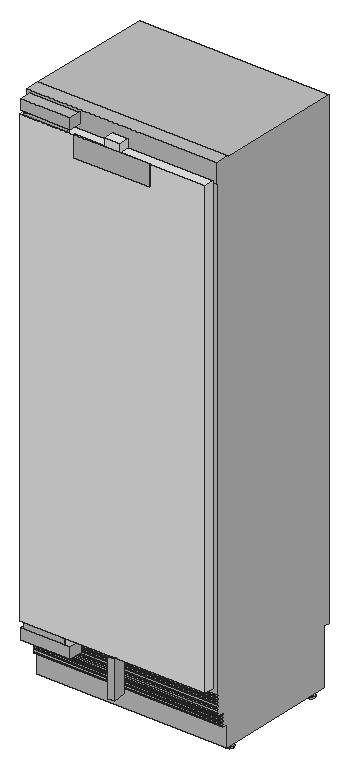
Revit family "FP_Revit_18_RS3084SLHK1_Fridge_90001076A", category Specialty Equipment, Revit 2018
Family settings
  Round Connector Dimension = Use Diameter
  Part Type = Normal
  OmniClass Number = 23.40.40.11.11
  OmniClass Title = Refrigerators and Freezers
  Work Plane-Based = No
  Always vertical = Yes
  Cut with Voids When Loaded = Yes
  Shared = No
  Room Calculation Point = No
Parameters (values of type "RS3084SLK1")
  Visibility - Water Connection = no
  Visibility - Visibility Control Note = yes
  Visibility - Clearance Required = yes
  URL = "www.fisherpaykel.com"
  Stainless Steel Door Panels (RD3484L4D) = no
  Product - Width = 756 mm  # constant formula
  Product - Height = 2134 mm  # constant formula
  Product - Depth (exl front panel) = 610 mm  # constant formula
  Model = "RS3084SLK1"
  Material - Handle = Fisher & Paykel - Aluminium
  Material - Door Structure = Fisher & Paykel - White
  Material - Door Front = Fisher & Paykel - Stainless Steel
  Material - Body = Fisher & Paykel - Grey
  Manufacturer = "Fisher & Paykel Appliances"
  Handle Style - Professional Square (AHV2-RD84) = no
  Handle Style - Professional Round (AHC-RD84) = no
  Handle Style - Contemporary Square (AHD3-RD84) = no
  Handle Style - Contemporary Round (AHS-RD84) = no
  Description = "30\" Integrated Column Refrigerator with stainless steel interior"
  Connector Description - Water = "Water Supply not required"
  Connector Description - Electrical = "120 V, 10 amp fused electrical supply"
  Cavity - Width = 762 mm  # constant formula
  Cavity - Height = 2134 mm  # constant formula
  Cavity - Depth = 635 mm  # constant formula
Types (4, lengths in mm): name | Visibility - Water Connection | Model | Description | Connector Description - Water
  (no name) | no | "RS3084SLK1" | "30\" Integrated Column Refrigerator with stainless steel interior" | "Water Supply not required"
  RS3084SLK1 | no | "RS3084SLK1" | "30\" Integrated Column Refrigerator with stainless steel interior" | "Water Supply not required"
  RS3084SLHK1 | yes | "RS3084SLHK1" | "30\" Integrated Column Refrigerator with internal internal water, stainless steel interior" | "1/4\" (6mm) comp. stainless steel braided hose"
  RS3084SL1 | no | "RS3084SL1" | "30\" Integrated Column Refrigerator" | "Water Supply not required"
Reference planes
  plane 1 "Datum": y = 0
  plane 2: z = 0
  plane 3 "Center (Left/Right)": x = 0
  plane 4 "Product LHS": x = -378
  plane 5 "Product RHS": x = 378
  plane 6 "Product - Depth": y = 610
  plane 7 "Cavity LHS": x = -381
  plane 8 "Cavity RHS": x = 381
  plane 9 "Cavity - Depth": y = 612.9
  plane 10 "Handle Offset": x = 315
  plane 11 "Product Height": z = 2134
  plane 12 "Cavity Height": z = 2134
  plane 13 "Door Panel Datum": y = -4.1
Forms (mm)
  Extrusion 1, solid, material "Fisher & Paykel - Grey" <- "Material - Body", detail levels fine
    sketch origin (0, 0, 0) x (0, 1, 0) y (0, 0, 1)
      loop
        line (100.1, 19.1) -> (587.9, 19.1) -> (587.9, 239.7) -> (610, 239.7) -> (610, 2131.9) -> (105.1, 2131.9) -> (105.1, 2134) -> (49.9, 2134) -> (49.9, 2059) -> (56, 2059) -> (56, 228.6) -> (59.5, 228.6) -> (59.5, 219.7) -> (56.5, 219.7) -> (56.5, 215.9) -> (59.5, 215.9) -> (59.5, 207) -> (56.5, 207) -> (56.5, 203.2) -> (59.5, 203.2) -> (59.5, 194.3) -> (56.5, 194.3) -> (56.5, 190.5) -> (59.5, 190.5) -> (59.5, 181.6) -> (56.5, 181.6) -> (56.5, 177.8) -> (59.5, 177.8) -> (59.5, 168.9) -> (56.5, 168.9) -> (56.5, 165.1) -> (59.5, 165.1) -> (59.5, 156.2) -> (56.5, 156.2) -> (56.5, 152.4) -> (84.1, 152.4) -> (84.1, 143.5) -> (81.1, 143.5) -> (81.1, 139.7) -> (84.1, 139.7) -> (84.1, 130.8) -> (81.1, 130.8) -> (81.1, 127) -> (84.1, 127) -> (84.1, 118.1) -> (81.1, 118.1) -> (81.1, 114.3) -> (84.1, 114.3) -> (84.1, 105.4) -> (81.1, 105.4) -> (81.1, 101.6) -> (100.1, 101.6) -> (100.1, 19.1)
    from -378 to 378
  Extrusion 2, solid, material "Fisher & Paykel - Grey" <- "Material - Body"
    sketch origin (0, 0, 0) x (1, 0, 0) y (0, 1, 0)
      loop
        circle (-357.5, 547.8) r 4.1
      loop
        circle (-357.5, 141.8) r 4.1
      loop
        circle (357.5, 547.8) r 4.1
      loop
        circle (357.5, 141.8) r 4.1
    from 3 to 19.1
  Extrusion 3, solid, material "Fisher & Paykel - Grey" <- "Material - Body"
    sketch origin (0, 0, 0) x (1, 0, 0) y (0, 1, 0)
      loop
        circle (-357.5, 547.8) r 14.5
      loop
        circle (-357.5, 141.8) r 14.555
      loop
        circle (357.5, 547.8) r 14.5
      loop
        circle (357.5, 141.8) r 14.555
    from 0 to 3
  Extrusion 4, solid, material "Fisher & Paykel - Grey" <- "Material - Body", detail levels fine
    sketch origin (0, 0, 0) x (1, 0, 0) y (0, 1, 0)
      loop
        line (-7.5, 49) -> (-13.797, -4.1) -> (13.797, -4.1) -> (7.5, 49) -> (-7.5, 49)
    from 104.2 to 254.2
  Extrusion 5, solid, material "Fisher & Paykel - Grey" <- "Material - Body", detail levels fine
    sketch origin (0, 0, 0) x (0, 1, 0) y (0, 0, 1)
      loop
        line (0, 2070.6) -> (0, 1988.6) -> (2, 1988.6) -> (2, 2068.6) -> (4, 2068.6) -> (4, 2070.6) -> (0, 2070.6)
    from -150 to 150
  Extrusion 6, solid, material "Fisher & Paykel - Grey" <- "Material - Body"
    sketch origin (0, 0, 0) x (1, 0, 0) y (0, 0, 1)
      loop
        circle (303, 119.813) r 5
      loop
        circle (-303, 119.813) r 5
    from -590 to -587.9
  Extrusion 7, solid, material "Fisher & Paykel - White" <- "Material - Door Structure"
    sketch origin (0, 0, 0) x (1, 0, 0) y (0, 1, 0)
      loop
        line (-353, 56) -> (-353, 42) -> (353, 42) -> (353, 56) -> (-353, 56)
    from 269.6 to 2030.7
  Extrusion 8, solid, material "Fisher & Paykel - White" <- "Material - Door Structure"
    sketch origin (0, 0, 0) x (1, 0, 0) y (0, 1, 0)
      loop
        line (-369.4, 42) -> (-369.4, 3) -> (369.4, 3) -> (369.4, 42) -> (-369.4, 42)
    from 254.2 to 2068.6
  Extrusion 9, solid, material "Fisher & Paykel - White" <- "Material - Door Structure", detail levels fine
    sketch origin (0, 0, 0) x (1, 0, 0) y (0, 0, 1)
      loop
        line (-29.5, 2100.1) -> (-29.5, 2068.6) -> (29.5, 2068.6) -> (29.5, 2100.1) -> (-29.5, 2100.1)
    from -42 to -3
  Extrusion 10, solid, material "Fisher & Paykel - Stainless Steel" <- "Material - Door Front", visible <- "Stainless Steel Door Panels (RD3484L4D)"
    sketch origin (0, 0, 0) x (0, 1, 0) y (0, 0, 1)
      loop
        line (-22.1, 2130.8) -> (-22.1, 102) -> (-4.1, 102) -> (-4.1, 2130.8) -> (-22.1, 2130.8)
    from -378 to 378
  Extrusion 11, solid, material "Fisher & Paykel - Grey" <- "Material - Body", detail levels coarse+medium
    sketch origin (0, 0, 0) x (0, 1, 0) y (0, 0, 1)
      loop
        line (49.9, 2134) -> (49.9, 2059) -> (56, 2059) -> (56, 152.4) -> (81.1, 152.4) -> (81.1, 101.6) -> (100.1, 101.6) -> (100.1, 19.1) -> (587.9, 19.1) -> (587.9, 239.7) -> (610, 239.7) -> (610, 2134) -> (49.9, 2134)
    from -378 to 378
  Extrusion 12, solid, material "Fisher & Paykel - Grey" <- "Material - Body", detail levels fine
    sketch origin (0, 0, 0) x (-1, 0, 0) y (0, 0, -1)
      loop
        line (366.4, -187.65) -> (168.42, -187.65) -> (168.42, -229.75) -> (366.4, -229.75) -> (366.4, -187.65)
    from -56 to -2.5
  Extrusion 13, solid, material "Fisher & Paykel - Grey" <- "Material - Body", detail levels fine
    sketch origin (0, 0, 0) x (-1, 0, 0) y (0, 0, -1)
      loop
        line (366.4, -2123.15) -> (366.4, -2081.05) -> (168.42, -2081.05) -> (168.42, -2123.15) -> (366.4, -2123.15)
    from -49 to -2.5
  Extrusion 14, solid, material "Fisher & Paykel - Grey" <- "Material - Body", detail levels fine
    sketch origin (0, 0, -4) x (0, 1, 0) y (0, 0, 1)
      loop
        arc (163.888, 23.1) -> (180.4, 13.63) -> (196.912, 23.1) r 19.13
        line (196.912, 23.1) -> (163.888, 23.1)
      loop
        arc (493.888, 23.1) -> (510.4, 13.63) -> (526.912, 23.1) r 19.13
        line (526.912, 23.1) -> (493.888, 23.1)
    from 191 to 219
  Extrusion 15, solid, material "Fisher & Paykel - Grey" <- "Material - Body", detail levels fine
    sketch origin (0, 0, -4) x (0, 1, 0) y (0, 0, -1)
      loop
        line (163.888, -23.1) -> (196.912, -23.1)
        arc (196.912, -23.1) -> (180.4, -13.63) -> (163.888, -23.1) r 19.13
      loop
        line (493.888, -23.1) -> (526.912, -23.1)
        arc (526.912, -23.1) -> (510.4, -13.63) -> (493.888, -23.1) r 19.13
    from 191 to 219
  Extrusion 16, solid, material "Fisher & Paykel - Clearance Required", visible <- "Visibility - Clearance Required", detail levels coarse
    sketch origin (0, 0, 0) x (1, 0, 0) y (0, 1, 0)
      loop
        line (-381, 612.9) -> (-381, -4.1) -> (381, -4.1) -> (381, 612.9) -> (-381, 612.9)
    from 0 to 2134
  Extrusion 17, void
    sketch origin (0, 0, 0) x (1, 0, 0) y (0, 1, 0)
      loop
        line (-381, 612.9) -> (-381, -22.1) -> (381, -22.1) -> (381, 612.9) -> (-381, 612.9)
    from 0 to 2134
  Extrusion 18, solid, material "Fisher & Paykel - Grey" <- "Material - Body", detail levels fine
    sketch origin (-73, 0, 0) x (-1, 0, 0) y (0, 0, -1)
      loop
        line (118.4, -254.2) -> (282.9, -254.2) -> (282.9, -229.75) -> (118.4, -229.75) -> (118.4, -254.2)
      loop
        line (106, -2081.05) -> (242.9, -2081.05) -> (282.9, -2076.05) -> (282.9, -2068.6) -> (106, -2068.6) -> (106, -2081.05)
    from -7 to -4
  Extrusion 19, solid, material "Fisher & Paykel - Clearance Required", visible <- "Visibility - Clearance Required", detail levels coarse
    sketch origin (0, 0, 0) x (-1, 0, 0) y (0, -1, 0)
      loop
        line (301.5, 22.1) -> (378, 22.1)
        arc (378, 22.1) -> (380.992, 57.074) -> (415.915, 60.616) r 27.5
        line (415.915, 60.616) -> (697.006, 665.395) -> (723.252, 653.196)
        arc (723.252, 653.196) -> (747.815, 662.136) -> (738.875, 686.699) r 18.483
        line (738.875, 686.699) -> (712.602, 698.95) -> (734.604, 746.289)
        arc (734.604, 746.289) -> (-22.015, 691.951) -> (-378, 22.1) r 783.517
        line (-378, 22.1) -> (301.5, 22.1)
    from 0 to 2134
Lines and regions (mm)
  model lines, style "Fisher & Paykel"
    curve 1: line (-378, -4.1, 2130.8) -> (378, -4.1, 2130.8)
    curve 2: line (-378, -4.1, 102) -> (-378, -4.1, 2130.8)
    curve 3: line (378, -4.1, 102) -> (-378, -4.1, 102)
    curve 4: line (378, -4.1, 2130.8) -> (378, -4.1, 102)
Text (mm)
  text "Due to ongoing product development, product details are subject to change without notice. \nPlease always refer to www.fisherpaykel.com for the most current product information. \n© Fisher & Paykel 2020" at (41.04, -848.295, 0), in view "Ref. Level (Plan)"
Dimensions and locks
  equal spacing: plane 4 "Product LHS", plane 3 "Center (Left/Right)", plane 5 "Product RHS"
  "Product - Width": plane 4 "Product LHS" to plane 5 "Product RHS"
  "Product - Depth (exl front panel)": plane 1 "Datum" to plane 6 "Product - Depth"
  equal spacing: plane 7 "Cavity LHS", plane 3 "Center (Left/Right)", plane 8 "Cavity RHS"
  "Cavity - Width": plane 7 "Cavity LHS" to plane 8 "Cavity RHS"
  plane 4 "Product LHS" to Extrusion 2 sketch curve = 24.6 mm
  plane 4 "Product LHS" to plane 10 "Handle Offset" = 693 mm
  Extrusion 6 sketch curve to Extrusion 1 = 119.887 mm  (x2)
  Extrusion 6 sketch curve to plane 5 "Product RHS" = 75 mm
  plane 4 "Product LHS" to Extrusion 6 sketch curve = 75 mm
  Extrusion 1 sketch curve to Extrusion 1 sketch curve = 82.5 mm
  Extrusion 1 sketch curve to Extrusion 1 sketch curve = 209.5 mm
  Extrusion 1 sketch curve to Extrusion 1 sketch curve = 220.6 mm
  Extrusion 3 to level = 3 mm
  Extrusion 11 to Extrusion 8 = 235.1 mm
  Extrusion 11 to Extrusion 7 = 250.5 mm
  Extrusion 11 to Extrusion 11 = 2114.9 mm
  Extrusion 11 to Extrusion 10 = 82.9 mm
  "Product - Height": level to plane 11 "Product Height"
  plane 11 "Product Height" to Extrusion 10 = 3.2 mm
  Extrusion 8 to plane 11 "Product Height" = 65.4 mm
  Extrusion 7 to plane 11 "Product Height" = 103.3 mm
  Extrusion 11 sketch curve to plane 11 "Product Height" = 75 mm
  Extrusion 1 sketch curve to plane 11 "Product Height" = 2.1 mm
  Extrusion 1 sketch curve to plane 11 "Product Height" = 75 mm
  "Cavity - Height": plane 12 "Cavity Height" to level
  plane 1 "Datum" to Extrusion 16 = 612.9 mm
  plane 1 "Datum" to Extrusion 17 = 612.9 mm
  Extrusion 18 sketch curve to Extrusion 18 sketch curve = 40 mm
  Extrusion 18 sketch curve to Extrusion 18 sketch curve = 176.9 mm
  plane 3 "Center (Left/Right)" to Extrusion 18 sketch curve = 179 mm
  plane 3 "Center (Left/Right)" to Extrusion 18 sketch curve = 191.4 mm
  plane 3 "Center (Left/Right)" to Extrusion 18 sketch curve = 355.9 mm
  plane 3 "Center (Left/Right)" to Extrusion 13 sketch curve = 168.42 mm
  plane 3 "Center (Left/Right)" to Extrusion 12 sketch curve = 168.42 mm
  plane 1 "Datum" to Extrusion 19 = 22.1 mm
  "Cavity - Depth": plane 9 "Cavity - Depth" to Extrusion 19
  plane 10 "Handle Offset" to plane 5 "Product RHS" = 63 mm
  radius of Extrusion 6 sketch curve = 5 mm
  aligned and locked: level to plane 2
  aligned and locked: Extrusion 10 to plane 5 "Product RHS"
  aligned and locked: plane 4 "Product LHS" to Extrusion 10
  aligned and locked: Extrusion 11 to plane 5 "Product RHS"
  aligned and locked: Extrusion 11 to plane 4 "Product LHS"
  aligned and locked: Extrusion 11 sketch curve to plane 11 "Product Height"
  aligned and locked: plane 11 "Product Height" to Extrusion 1 sketch curve
  aligned and locked: Extrusion 14 sketch curve to Extrusion 14 sketch curve
  aligned and locked: Extrusion 15 sketch curve to Extrusion 15 sketch curve
  aligned and locked: Extrusion 1 to plane 5 "Product RHS"
  aligned and locked: plane 4 "Product LHS" to Extrusion 1
  aligned and locked: Extrusion 11 sketch curve to Extrusion 1  (x4)
  aligned and locked: Extrusion 2 to Extrusion 1
  aligned and locked: nested 2 to plane 10 "Handle Offset"
  aligned and locked: nested 3 to plane 10 "Handle Offset"
  aligned and locked: nested 4 to plane 10 "Handle Offset"
  aligned and locked: nested 5 to plane 10 "Handle Offset"
Automatic sketch dimensions
  Extrusion 1 sketch curve to plane 6 "Product - Depth" = 0 mm
  Extrusion 1 sketch curve to Extrusion 1 sketch curve = 22.1 mm
  Extrusion 1 sketch curve to plane 1 "Datum" = 105.1 mm
  level to Extrusion 1 sketch curve = 19.1 mm
  Extrusion 1 sketch curve to plane 1 "Datum" = 100.1 mm
  Extrusion 1 sketch curve to Extrusion 1 sketch curve = 16 mm
  Extrusion 1 sketch curve to Extrusion 1 sketch curve = 0 mm  (x8)
  Extrusion 1 sketch curve to Extrusion 1 sketch curve = 3 mm  (x10)
  Extrusion 1 sketch curve to plane 1 "Datum" = 59.5 mm
  Extrusion 1 sketch curve to plane 1 "Datum" = 56 mm
  Extrusion 1 sketch curve to plane 1 "Datum" = 49.9 mm
  Extrusion 1 sketch curve to Extrusion 1 sketch curve = 3.8 mm  (x10)
  Extrusion 1 sketch curve to Extrusion 1 sketch curve = 8.9 mm  (x9)
  Extrusion 2 sketch curve to plane 4 "Product LHS" = 20.5 mm  (x2)
  plane 5 "Product RHS" to Extrusion 2 sketch curve = 20.5 mm  (x2)
  Extrusion 2 sketch curve to plane 1 "Datum" = 141.8 mm  (x2)
  Extrusion 2 sketch curve to plane 6 "Product - Depth" = 62.2 mm  (x2)
  Extrusion 3 sketch curve to plane 4 "Product LHS" = 20.5 mm  (x2)
  plane 5 "Product RHS" to Extrusion 3 sketch curve = 20.5 mm  (x2)
  Extrusion 3 sketch curve to plane 1 "Datum" = 141.8 mm  (x2)
  Extrusion 3 sketch curve to plane 6 "Product - Depth" = 62.2 mm  (x2)
  plane 1 "Datum" to Extrusion 4 sketch curve = 4.1 mm
  Extrusion 4 sketch curve to plane 3 "Center (Left/Right)" = 13.797 mm
  Extrusion 4 sketch curve to plane 3 "Center (Left/Right)" = 7.5 mm
  plane 3 "Center (Left/Right)" to Extrusion 4 sketch curve = 7.5 mm
  plane 3 "Center (Left/Right)" to Extrusion 4 sketch curve = 13.797 mm
  Extrusion 4 sketch curve to plane 1 "Datum" = 49 mm
  Extrusion 5 sketch curve to plane 1 "Datum" = 0 mm
  Extrusion 5 sketch curve to plane 1 "Datum" = 2 mm
  Extrusion 5 sketch curve to Extrusion 5 sketch curve = 2 mm  (x2)
  plane 11 "Product Height" to Extrusion 5 sketch curve = 145.4 mm
  plane 11 "Product Height" to Extrusion 5 sketch curve = 65.4 mm
  Extrusion 7 sketch curve to plane 4 "Product LHS" = 25 mm
  plane 5 "Product RHS" to Extrusion 7 sketch curve = 25 mm
  Extrusion 7 sketch curve to plane 1 "Datum" = 42 mm
  Extrusion 7 sketch curve to Extrusion 7 sketch curve = 14 mm
  Extrusion 8 sketch curve to plane 1 "Datum" = 3 mm
  Extrusion 8 sketch curve to plane 4 "Product LHS" = 8.6 mm
  plane 5 "Product RHS" to Extrusion 8 sketch curve = 8.6 mm
  Extrusion 8 sketch curve to Extrusion 8 sketch curve = 39 mm
  Extrusion 9 sketch curve to plane 3 "Center (Left/Right)" = 29.5 mm
  plane 3 "Center (Left/Right)" to Extrusion 9 sketch curve = 29.5 mm
  plane 11 "Product Height" to Extrusion 9 sketch curve = 65.4 mm
  Extrusion 9 sketch curve to Extrusion 9 sketch curve = 31.5 mm
  plane 1 "Datum" to Extrusion 10 sketch curve = 22.1 mm
  plane 1 "Datum" to Extrusion 10 sketch curve = 4.1 mm
  level to Extrusion 10 sketch curve = 102 mm
  plane 11 "Product Height" to Extrusion 10 sketch curve = 3.2 mm
  Extrusion 11 sketch curve to plane 6 "Product - Depth" = 0 mm
  Extrusion 11 sketch curve to plane 6 "Product - Depth" = 22.1 mm
  Extrusion 11 sketch curve to plane 1 "Datum" = 100.1 mm
  Extrusion 11 sketch curve to Extrusion 11 sketch curve = 19 mm
  Extrusion 11 sketch curve to plane 1 "Datum" = 56 mm
  Extrusion 11 sketch curve to plane 1 "Datum" = 49.9 mm
  Extrusion 11 sketch curve to Extrusion 11 sketch curve = 50.8 mm
  plane 4 "Product LHS" to Extrusion 12 sketch curve = 11.6 mm
  Extrusion 12 sketch curve to level = 187.65 mm
  Extrusion 12 sketch curve to Extrusion 12 sketch curve = 42.1 mm
  plane 4 "Product LHS" to Extrusion 13 sketch curve = 11.6 mm
  Extrusion 13 sketch curve to plane 11 "Product Height" = 52.95 mm
  Extrusion 13 sketch curve to plane 11 "Product Height" = 10.85 mm
  level to Extrusion 14 sketch curve = 19.1 mm
  Extrusion 14 sketch curve to plane 1 "Datum" = 163.888 mm
  Extrusion 14 sketch curve to Extrusion 14 sketch curve = 16.512 mm  (x2)
  Extrusion 14 sketch curve to plane 6 "Product - Depth" = 116.112 mm
  Extrusion 14 sketch curve to Extrusion 14 sketch curve = 9.66 mm  (x2)
  level to Extrusion 15 sketch curve = 19.1 mm
  Extrusion 15 sketch curve to plane 1 "Datum" = 163.888 mm
  Extrusion 15 sketch curve to Extrusion 15 sketch curve = 16.512 mm  (x2)
  Extrusion 15 sketch curve to plane 6 "Product - Depth" = 116.112 mm
  Extrusion 15 sketch curve to Extrusion 15 sketch curve = 9.66 mm  (x2)
  Extrusion 16 sketch curve to plane 7 "Cavity LHS" = 0 mm
  Extrusion 16 sketch curve to plane 8 "Cavity RHS" = 0 mm
  Extrusion 16 sketch curve to plane 9 "Cavity - Depth" = 0 mm
  plane 1 "Datum" to Extrusion 16 sketch curve = 4.1 mm
  Extrusion 17 sketch curve to plane 7 "Cavity LHS" = 0 mm
  Extrusion 17 sketch curve to plane 8 "Cavity RHS" = 0 mm
  plane 9 "Cavity - Depth" to Extrusion 17 sketch curve = 0 mm
  plane 1 "Datum" to Extrusion 17 sketch curve = 22.1 mm
  Extrusion 18 sketch curve to level = 229.75 mm
  Extrusion 18 sketch curve to Extrusion 18 sketch curve = 24.45 mm
  Extrusion 18 sketch curve to plane 11 "Product Height" = 65.4 mm
  Extrusion 18 sketch curve to Extrusion 18 sketch curve = 7.45 mm
  Extrusion 18 sketch curve to Extrusion 18 sketch curve = 5 mm
  Extrusion 19 sketch curve to plane 5 "Product RHS" = 0 mm
  Extrusion 19 sketch curve to plane 1 "Datum" = 22.1 mm
  plane 4 "Product LHS" to Extrusion 19 sketch curve = 76.5 mm
  plane 4 "Product LHS" to Extrusion 19 sketch curve = 0 mm
  Extrusion 19 sketch curve to plane 7 "Cavity LHS" = 19.59 mm
  Extrusion 19 sketch curve to Extrusion 19 sketch curve = 4.816 mm
  Extrusion 19 sketch curve to Extrusion 19 sketch curve = 10.509 mm
  Extrusion 19 sketch curve to plane 7 "Cavity LHS" = 316.006 mm
  Extrusion 19 sketch curve to Extrusion 19 sketch curve = 15.596 mm
  Extrusion 19 sketch curve to Extrusion 19 sketch curve = 26.246 mm
  Extrusion 19 sketch curve to Extrusion 19 sketch curve = 7.811 mm  (x2)
  Extrusion 19 sketch curve to Extrusion 19 sketch curve = 22.003 mm
  Extrusion 19 sketch curve to Extrusion 19 sketch curve = 13.185 mm
  Extrusion 19 sketch curve to Extrusion 19 sketch curve = 2.497 mm
  Extrusion 19 sketch curve to Extrusion 19 sketch curve = 93.093 mm
  Extrusion 19 sketch curve to Extrusion 19 sketch curve = 16.751 mm
  Extrusion 19 sketch curve to Extrusion 19 sketch curve = 12.251 mm
  plane 5 "Product RHS" to curve 1 = 0 mm
  plane 4 "Product LHS" to curve 3 = 0 mm
  level to curve 3 = 102 mm
  plane 11 "Product Height" to curve 2 = 3.2 mm
  radius of Extrusion 2 sketch curve = 4.1 mm  (x3)
  radius of Extrusion 3 sketch curve = 14.5 mm  (x2)
  radius of Extrusion 3 sketch curve = 14.555 mm  (x2)
  radius of Extrusion 6 sketch curve = 5 mm
Nested families
  nested 1: "Visibility Control Note 18" at (0, 0, 0), visible <- "Visibility - Visibility Control Note", type "Visibility Control Note 18"
  nested 2: "Handle Contemporary Round - Vertical" at (315, -22.1, 1242.58), visible <- "Handle Style - Contemporary Round (AHS-RD84)", type "AHS-RD84 - Contemporary round handle (Vertical) 852mm"
  nested 3: "Handle Contemporary Square - Vertical" at (315, -22.1, 1242.58), visible <- "Handle Style - Contemporary Square (AHD3-RD84)", type "AHD3-RD84 - Contemporary square handle (Vertical) 852mm"
  nested 4: "Handle Professional Round - Vertical" at (315, -22.1, 1242.58), visible <- "Handle Style - Professional Round (AHC-RD84)", type "AHC-RD84 - Professional round handle (Vertical) 786mm"
  nested 5: "Handle Professional Square - Vertical" at (315, -22.1, 1242.58), visible <- "Handle Style - Professional Square (AHV2-RD84)", type "AHV2-RD84 - Professional square handle (Vertical) 792mm"
Connectors
  electrical at (-303, 590, 119.813), driven by "Connector Description - Electrical"
    settings: on Extrusion 6, index 1, voltage 120 V, apparent load 0 VA, apparent load phase1 0 VA, apparent load phase2 0 VA, apparent load phase3 0 VA, power factor 1, load classification "Other", number of poles 1, system type 30, power factor state 1, is connector primary yes, connector utility no, sub classification motor no, connector description "120 V, 10 amp fused electrical supply"
  piping at (303, 590, 119.813), diameter 12.7, driven by "Visibility - Water Connection", driven by "Connector Description - Water"
    settings: on Extrusion 6, index 2, connector inside diameter 609.6 mm, connector length 0 mm, flow factor 0, pipe flow 0.0 L/s, pressure drop 0.0 Pa, fitting loss kfactor 0, connector angle 0.00°, fixture units 0, engagement length 0 mm, angle of deflection 0.00°, flow configuration 0, flow direction 1, fitting loss method 0, system type 20, joint type 0, gender type 0, connector reference index -1, connector utility 0, adjustable connector no, is connector primary yes, connector description "Water Supply not required"
Definition of nested family "Handle Contemporary Round - Vertical"
  Parameters (values of type "AHSRS80A - Contemporary round handle (1 of 2) (Vertical) 727mm")
    URL = "www.fisherpaykel.com"
    Material - Handle = none
    Manufacturer = "Fisher & Paykel Appliances"
    Handle - Length = 727 mm
  Types (6, lengths in mm): name | Handle - Length
    AHS-RD21 - Contemporary round handle (Vertical) 852mm | 852
    AHSRD2484W - Contemporary round handle (1 of 2) (Vertical) 727mm | 727
    AHSRD3084W - Contemporary round handle (1 of 2) (Vertical) 727mm | 727
    AHS-RD84 - Contemporary round handle (Vertical) 852mm | 852
    AHSRS3272A - Contemporary round handle (1 of 2) (Vertical) 727mm | 727
    AHSRS80A - Contemporary round handle (1 of 2) (Vertical) 727mm | 727
  Reference planes
    plane 1 "Center (Front/Back)": y = 0
    plane 2: z = 0
    plane 3 "Center (Left/Right)": x = 0
    plane 4 "Top": z = 363.5
    plane 5 "Bottom": z = -363.5
    plane 6 "Top Standoff": z = 243.5
    plane 7 "Bottom Standoff": z = -243.5
  Forms (mm)
    Extrusion 1, solid, material <- "Material - Handle"
      sketch origin (0, 0, 0) x (1, 0, 0) y (0, 1, 0)
        loop
          circle (0, -32.3) r 8.7
      from -243.5 to 243.5
    Extrusion 2, solid, material <- "Material - Handle", detail levels fine
      sketch origin (0, 0, 0) x (1, 0, 0) y (0, 1, 0)
        loop
          line (-8.7, 0) -> (-8.7, -32.3)
          arc (-8.7, -32.3) -> (0, -41) -> (8.7, -32.3) r 8.7
          line (8.7, -32.3) -> (8.7, 0) -> (-8.7, 0)
      from 243.5 to 363.5
    Extrusion 3, solid, material <- "Material - Handle", detail levels fine
      sketch origin (0, 0, 0) x (1, 0, 0) y (0, 1, 0)
        loop
          line (-8.7, 0) -> (-8.7, -32.3)
          arc (-8.7, -32.3) -> (0, -41) -> (8.7, -32.3) r 8.7
          line (8.7, -32.3) -> (8.7, 0) -> (-8.7, 0)
      from -363.5 to -243.5
    Sweep 4, void
      path in 3D
        loop
          line (8.7, 0, -363.5) -> (8.7, -32.3, -363.5)
          arc (8.7, -32.3, -363.5) -> (0, -41, -363.5) -> (-8.7, -32.3, -363.5) r 8.7
          line (-8.7, -32.3, -363.5) -> (-8.7, 0, -363.5)
      profile origin (8.7, -16.15, -363.5) x (-1, 0, 0) y (0, 0, -1)
        loop
          line (0, 0) -> (0, -1) -> (1, 0) -> (0, 0)
    Sweep 5, void
      path in 3D
        loop
          line (-8.7, 0, 363.5) -> (-8.7, -32.3, 363.5)
          arc (-8.7, -32.3, 363.5) -> (0, -41, 363.5) -> (8.7, -32.3, 363.5) r 8.7
          line (8.7, -32.3, 363.5) -> (8.7, 0, 363.5)
      profile origin (8.7, -16.15, 363.5) x (-1, 0, 0) y (0, 0, 1)
        loop
          line (0, 0) -> (0, -1) -> (1, 0) -> (0, 0)
    Extrusion 6, solid, material <- "Material - Handle", detail levels coarse+medium
      sketch origin (0, 0, 0) x (1, 0, 0) y (0, 1, 0)
        loop
          line (-8.7, 0) -> (-8.7, -32.3)
          arc (-8.7, -32.3) -> (0, -41) -> (8.7, -32.3) r 8.7
          line (8.7, -32.3) -> (8.7, 0) -> (-8.7, 0)
      from 243.5 to 363.5
    Extrusion 7, solid, material <- "Material - Handle", detail levels coarse+medium
      sketch origin (0, 0, 0) x (1, 0, 0) y (0, 1, 0)
        loop
          line (-8.7, 0) -> (-8.7, -32.3)
          arc (-8.7, -32.3) -> (0, -41) -> (8.7, -32.3) r 8.7
          line (8.7, -32.3) -> (8.7, 0) -> (-8.7, 0)
      from -363.5 to -243.5
  Cuts and joins
    Sweep 4 cuts Extrusion 3
    Sweep 5 cuts Extrusion 2
  Lines and regions (mm)
    sketch lines
      curve 1: line (8.7, 0, -363.5) -> (8.7, -32.3, -363.5)
      curve 2: arc (-8.7, -32.3, -363.5) -> (0, -41, -363.5) -> (8.7, -32.3, -363.5) r 8.7
      curve 3: line (-8.7, -32.3, -363.5) -> (-8.7, 0, -363.5)
      curve 4: line (8.7, -32.3, 363.5) -> (8.7, 0, 363.5)
      curve 5: arc (8.7, -32.3, 363.5) -> (0, -41, 363.5) -> (-8.7, -32.3, 363.5) r 8.7
      curve 6: line (-8.7, 0, 363.5) -> (-8.7, -32.3, 363.5)
  Dimensions and locks
    equal spacing: plane 4 "Top", level, plane 5 "Bottom"
    "Handle - Length": plane 4 "Top" to plane 5 "Bottom"
    locked: plane 4 "Top" to plane 6 "Top Standoff" at 120
    locked: plane 7 "Bottom Standoff" to plane 5 "Bottom" at 120
    Extrusion 2 sketch curve to Extrusion 2 sketch curve = 17.4 mm
    Extrusion 3 sketch curve to Extrusion 3 sketch curve = 17.4 mm
    Extrusion 6 sketch curve to Extrusion 6 sketch curve = 17.4 mm
    Extrusion 7 sketch curve to Extrusion 7 sketch curve = 17.4 mm
    aligned and locked: level to plane 2
    aligned and locked: plane 4 "Top" to Extrusion 2
    aligned and locked: Extrusion 3 to plane 5 "Bottom"
    aligned and locked: plane 7 "Bottom Standoff" to Extrusion 3
    aligned and locked: Extrusion 1 to plane 7 "Bottom Standoff"
    aligned and locked: plane 6 "Top Standoff" to Extrusion 1
    aligned and locked: Extrusion 2 to Extrusion 1
    aligned and locked: Extrusion 6 to Extrusion 1
    aligned and locked: plane 4 "Top" to Extrusion 6
    aligned and locked: Extrusion 7 to Extrusion 1
    aligned and locked: Extrusion 7 to plane 5 "Bottom"
  Automatic sketch dimensions
    Extrusion 1 sketch curve to plane 3 "Center (Left/Right)" = 0 mm
    plane 1 "Center (Front/Back)" to Extrusion 1 sketch curve = 32.3 mm
    plane 1 "Center (Front/Back)" to Extrusion 2 sketch curve = 0 mm
    Extrusion 2 sketch curve to plane 3 "Center (Left/Right)" = 0 mm
    Extrusion 2 sketch curve to plane 3 "Center (Left/Right)" = 8.7 mm
    plane 1 "Center (Front/Back)" to Extrusion 2 sketch curve = 32.3 mm
    plane 1 "Center (Front/Back)" to Extrusion 3 sketch curve = 0 mm
    Extrusion 3 sketch curve to plane 3 "Center (Left/Right)" = 0 mm
    Extrusion 3 sketch curve to plane 3 "Center (Left/Right)" = 8.7 mm
    plane 1 "Center (Front/Back)" to Extrusion 3 sketch curve = 32.3 mm
    Sweep 4 sketch curve to profile plane = 0 mm  (x2)
    Sweep 4 sketch curve to profile plane = 1 mm  (x2)
    Sweep 5 sketch curve to profile plane = 0 mm  (x2)
    Sweep 5 sketch curve to profile plane = 1 mm  (x2)
    Extrusion 6 sketch curve to plane 3 "Center (Left/Right)" = 0 mm
    Extrusion 6 sketch curve to plane 3 "Center (Left/Right)" = 8.7 mm
    plane 1 "Center (Front/Back)" to Extrusion 6 sketch curve = 32.3 mm
    Extrusion 6 sketch curve to Extrusion 6 sketch curve = 32.3 mm
    Extrusion 7 sketch curve to plane 3 "Center (Left/Right)" = 0 mm
    Extrusion 7 sketch curve to plane 3 "Center (Left/Right)" = 8.7 mm
    plane 1 "Center (Front/Back)" to Extrusion 7 sketch curve = 32.3 mm
    Extrusion 7 sketch curve to Extrusion 7 sketch curve = 32.3 mm
    radius of Extrusion 1 sketch curve = 8.7 mm
Definition of nested family "Handle Contemporary Square - Vertical"
  Parameters (values of type "AHD3RS80A - Contemporary square handle (1 of 2) (Vertical) 727mm")
    URL = "www.fisherpaykel.com"
    Material - Handle = none
    Manufacturer = "Fisher & Paykel Appliances"
    Handle - Length = 727 mm
  Types (7, lengths in mm): name | Handle - Length
    (no name) | 727
    AHD3-RD21 - Contemporary square handle (Vertical) 852mm | 852
    AHD3RD2484W - Contemporary square handle (1 of 2) (Vertical) 727mm | 727
    AHD3RD3084W - Contemporary square handle (1 of 2) (Vertical) 727mm | 727
    AHD3-RD84 - Contemporary square handle (Vertical) 852mm | 852
    AHD3RS3272A - Contemporary square handle (1 of 2) (Vertical) 727mm | 727
    AHD3RS80A - Contemporary square handle (1 of 2) (Vertical) 727mm | 727
  Reference planes
    plane 1 "Center (Front/Back)": y = 0
    plane 2: z = 0
    plane 3 "Center (Left/Right)": x = 0
    plane 4 "Top": z = 363.5
    plane 5 "Bottom": z = -363.5
    plane 6 "Top Standoff": z = 243.5
    plane 7 "Bottom Standoff": z = -243.5
  Forms (mm)
    Extrusion 1, solid, material <- "Material - Handle", detail levels fine
      sketch origin (0, 0, 0) x (1, 0, 0) y (0, 1, 0)
        loop
          arc (-7.583, -28.701) -> (-7.89, -29.057) -> (-8, -29.514) r 1
          line (-8, -29.514) -> (-8, -40.5)
          arc (-8, -40.5) -> (-7.561, -41.561) -> (-6.5, -42) r 1.5
          line (-6.5, -42) -> (6.5, -42)
          arc (6.5, -42) -> (7.561, -41.561) -> (8, -40.5) r 1.5
          line (8, -40.5) -> (8, -29.487)
          arc (8, -29.487) -> (7.889, -29.029) -> (7.58, -28.673) r 1
          arc (7.58, -28.673) -> (-0.006, -26.256) -> (-7.583, -28.701) r 13.038
      from -363.5 to 363.5
    Extrusion 2, solid, material <- "Material - Handle", detail levels fine
      sketch origin (0, 0, 0) x (1, 0, 0) y (0, 1, 0)
        loop
          arc (7.058, -28.23) -> (7.466, -28.244) -> (7.674, -27.893) r 0.4
          line (7.674, -27.893) -> (7.674, 0) -> (-7.674, 0) -> (-7.674, -27.86)
          arc (-7.674, -27.86) -> (-7.467, -28.21) -> (-7.06, -28.198) r 0.4
          arc (-7.06, -28.198) -> (0.004, -26.156) -> (7.058, -28.23) r 13.136
      from 243.5 to 363.5
    Extrusion 3, solid, material <- "Material - Handle", detail levels fine
      sketch origin (0, 0, 0) x (1, 0, 0) y (0, 1, 0)
        loop
          arc (7.058, -28.23) -> (7.466, -28.244) -> (7.674, -27.893) r 0.4
          line (7.674, -27.893) -> (7.674, 0) -> (-7.674, 0) -> (-7.674, -27.86)
          arc (-7.674, -27.86) -> (-7.467, -28.21) -> (-7.06, -28.198) r 0.4
          arc (-7.06, -28.198) -> (0.004, -26.156) -> (7.058, -28.23) r 13.136
      from -363.5 to -243.5
    Sweep 4, void
      path in 3D
        loop
          line (-8, -29.514, 363.5) -> (-8, -40.5, 363.5)
          arc (-8, -40.5, 363.5) -> (-7.561, -41.561, 363.5) -> (-6.5, -42, 363.5) r 1.5
          line (-6.5, -42, 363.5) -> (6.5, -42, 363.5)
          arc (6.5, -42, 363.5) -> (7.561, -41.561, 363.5) -> (8, -40.5, 363.5) r 1.5
          line (8, -40.5, 363.5) -> (8, -29.487, 363.5)
      profile origin (8, -34.994, 363.5) x (-1, 0, 0) y (0, 0, 1)
        loop
          line (0, 0) -> (0, -1.3) -> (1.3, 0) -> (0, 0)
    Sweep 5, void
      path in 3D
        loop
          line (8, -29.487, -363.5) -> (8, -40.5, -363.5)
          arc (8, -40.5, -363.5) -> (7.561, -41.561, -363.5) -> (6.5, -42, -363.5) r 1.5
          line (6.5, -42, -363.5) -> (-6.5, -42, -363.5)
          arc (-6.5, -42, -363.5) -> (-7.561, -41.561, -363.5) -> (-8, -40.5, -363.5) r 1.5
          line (-8, -40.5, -363.5) -> (-8, -29.514, -363.5)
      profile origin (8, -34.994, -363.5) x (-1, 0, 0) y (0, 0, -1)
        loop
          line (0, 0) -> (0, -1.3) -> (1.3, 0) -> (0, 0)
    Extrusion 6, void
      sketch origin (0, 0, 0) x (1, 0, 0) y (0, 0, 1)
        loop
          line (-8, -362.2) -> (-8, -363.5) -> (-6.7, -363.5) -> (-8, -362.2)
        loop
          line (8, -362.2) -> (6.7, -363.5) -> (8, -363.5) -> (8, -362.2)
      from 0 to 40
    Extrusion 7, void
      sketch origin (0, 0, 0) x (1, 0, 0) y (0, 0, 1)
        loop
          line (-8, 363.5) -> (-8, 362.2) -> (-6.7, 363.5) -> (-8, 363.5)
        loop
          line (8, 363.5) -> (6.7, 363.5) -> (8, 362.2) -> (8, 363.5)
      from 0 to 40
    Extrusion 8, solid, material <- "Material - Handle", detail levels coarse+medium
      sketch origin (0, 0, 0) x (0, 1, 0) y (0, 0, 1)
        loop
          line (0, 363.5) -> (-42, 363.5) -> (-42, -363.5) -> (0, -363.5) -> (0, -243.5) -> (-26.245, -243.5) -> (-26.245, 243.5) -> (0, 243.5) -> (0, 363.5)
      from -8 to 8
  Cuts and joins
    Sweep 4, Sweep 5, Extrusion 6, Extrusion 7 cuts Extrusion 1
    Extrusion 6 cuts Extrusion 3
    Extrusion 7 cuts Extrusion 2
  Lines and regions (mm)
    sketch lines
      curve 1: line (8, -40.5, 363.5) -> (8, -29.487, 363.5)
      curve 2: arc (8, -40.5, 363.5) -> (7.561, -41.561, 363.5) -> (6.5, -42, 363.5) r 1.5
      curve 3: line (-6.5, -42, 363.5) -> (6.5, -42, 363.5)
      curve 4: arc (-6.5, -42, 363.5) -> (-7.561, -41.561, 363.5) -> (-8, -40.5, 363.5) r 1.5
      curve 5: line (-8, -29.514, 363.5) -> (-8, -40.5, 363.5)
      curve 6: line (8, -29.487, -363.5) -> (8, -40.5, -363.5)
      curve 7: arc (6.5, -42, -363.5) -> (7.561, -41.561, -363.5) -> (8, -40.5, -363.5) r 1.5
      curve 8: line (6.5, -42, -363.5) -> (-6.5, -42, -363.5)
      curve 9: arc (-8, -40.5, -363.5) -> (-7.561, -41.561, -363.5) -> (-6.5, -42, -363.5) r 1.5
      curve 10: line (-8, -40.5, -363.5) -> (-8, -29.514, -363.5)
  Dimensions and locks
    equal spacing: plane 4 "Top", level, plane 5 "Bottom"
    "Handle - Length": plane 4 "Top" to plane 5 "Bottom"
    locked: plane 4 "Top" to plane 6 "Top Standoff" at 120
    locked: plane 7 "Bottom Standoff" to plane 5 "Bottom" at 120
    aligned and locked: level to plane 2
    aligned and locked: plane 4 "Top" to Extrusion 2
    aligned and locked: Extrusion 2 to plane 6 "Top Standoff"
    aligned and locked: plane 4 "Top" to Extrusion 1
    aligned and locked: Extrusion 1 to plane 5 "Bottom"
    aligned and locked: Extrusion 3 to plane 5 "Bottom"
    aligned and locked: plane 7 "Bottom Standoff" to Extrusion 3
    aligned and locked: plane 4 "Top" to Extrusion 8 sketch curve
    aligned and locked: plane 6 "Top Standoff" to Extrusion 8 sketch curve
    aligned and locked: plane 7 "Bottom Standoff" to Extrusion 8 sketch curve
    aligned and locked: plane 5 "Bottom" to Extrusion 8 sketch curve
    aligned and locked: plane 1 "Center (Front/Back)" to Extrusion 8 sketch curve  (x2)
  Automatic sketch dimensions
    Extrusion 1 sketch curve to plane 3 "Center (Left/Right)" = 8 mm
    Extrusion 1 sketch curve to Extrusion 1 sketch curve = 1 mm  (x2)
    Extrusion 1 sketch curve to Extrusion 1 sketch curve = 1.5 mm
    plane 3 "Center (Left/Right)" to Extrusion 1 sketch curve = 0.018 mm
    plane 3 "Center (Left/Right)" to Extrusion 1 sketch curve = 6.5 mm
    plane 3 "Center (Left/Right)" to Extrusion 1 sketch curve = 7 mm
    plane 1 "Center (Front/Back)" to Extrusion 1 sketch curve = 42 mm
    Extrusion 1 sketch curve to Extrusion 1 sketch curve = 1.206 mm
    Extrusion 1 sketch curve to Extrusion 1 sketch curve = 10.986 mm
    Extrusion 1 sketch curve to Extrusion 1 sketch curve = 11.013 mm
    Extrusion 1 sketch curve to Extrusion 1 sketch curve = 0 mm
    plane 1 "Center (Front/Back)" to Extrusion 2 sketch curve = 0 mm
    Extrusion 2 sketch curve to plane 3 "Center (Left/Right)" = 7.674 mm
    Extrusion 2 sketch curve to Extrusion 2 sketch curve = 0.4 mm  (x2)
    Extrusion 2 sketch curve to plane 3 "Center (Left/Right)" = 0.026 mm
    plane 3 "Center (Left/Right)" to Extrusion 2 sketch curve = 7.274 mm
    plane 1 "Center (Front/Back)" to Extrusion 2 sketch curve = 27.86 mm
    Extrusion 2 sketch curve to Extrusion 2 sketch curve = 0.033 mm
    Extrusion 2 sketch curve to Extrusion 2 sketch curve = 11.398 mm
    Extrusion 2 sketch curve to Extrusion 2 sketch curve = 0 mm
    plane 1 "Center (Front/Back)" to Extrusion 3 sketch curve = 0 mm
    Extrusion 3 sketch curve to Extrusion 3 sketch curve = 0.4 mm  (x2)
    Extrusion 3 sketch curve to Extrusion 3 sketch curve = 7.248 mm
    Extrusion 3 sketch curve to Extrusion 3 sketch curve = 7.3 mm
    plane 1 "Center (Front/Back)" to Extrusion 3 sketch curve = 27.86 mm
    Extrusion 3 sketch curve to Extrusion 3 sketch curve = 0.033 mm
    Extrusion 3 sketch curve to Extrusion 3 sketch curve = 11.398 mm
    Extrusion 3 sketch curve to Extrusion 3 sketch curve = 0 mm
    Sweep 4 sketch curve to profile plane = 0 mm  (x2)
    Sweep 4 sketch curve to profile plane = 1.3 mm  (x2)
    Sweep 5 sketch curve to profile plane = 0 mm  (x2)
    Sweep 5 sketch curve to profile plane = 1.3 mm  (x2)
    Extrusion 6 sketch curve to plane 5 "Bottom" = 0 mm  (x2)
    plane 5 "Bottom" to Extrusion 6 sketch curve = 1.3 mm  (x2)
    Extrusion 6 sketch curve to plane 3 "Center (Left/Right)" = 8 mm
    Extrusion 6 sketch curve to Extrusion 6 sketch curve = 1.3 mm  (x2)
    plane 3 "Center (Left/Right)" to Extrusion 6 sketch curve = 8 mm
    Extrusion 7 sketch curve to plane 4 "Top" = 0 mm  (x2)
    Extrusion 7 sketch curve to plane 3 "Center (Left/Right)" = 8 mm
    Extrusion 7 sketch curve to Extrusion 7 sketch curve = 1.3 mm  (x2)
    plane 3 "Center (Left/Right)" to Extrusion 7 sketch curve = 8 mm
    Extrusion 7 sketch curve to plane 4 "Top" = 1.3 mm  (x2)
    plane 1 "Center (Front/Back)" to Extrusion 8 sketch curve = 26.245 mm
    plane 1 "Center (Front/Back)" to Extrusion 8 sketch curve = 42 mm
    Extrusion 3 sketch curve to plane 3 "Center (Left/Right)" = 7.674 mm
Definition of nested family "Handle Professional Round - Vertical"
  Parameters (values of type "AHCRD2484W - Professional round handle (1 of 2) (Vertical) 661mm")
    URL = "www.fisherpaykel.com"
    Material - Standoff = none
    Material - Handle = none
    Manufacturer = "Fisher & Paykel Appliances"
    Handle - Length = 661 mm
  Types (5, lengths in mm): name | Handle - Length
    (no name) | 661
    AHCRD2484W - Professional round handle (1 of 2) (Vertical) 661mm | 661
    AHCRD3084W - Professional round handle (1 of 2) (Vertical) 661mm | 661
    AHC-RD84 - Professional round handle (Vertical) 786mm | 786
    AHCRS3272A - Professional round handle (1 of 2) (Vertical) 661mm | 661
  Reference planes
    plane 1 "Center (Front/Back)": y = 0
    plane 2: z = 0
    plane 3 "Center (Left/Right)": x = 0
    plane 4 "Top": z = 330.5
    plane 5 "Bottom": z = -330.5
    plane 6 "Top Standoff": z = 286.5
    plane 7 "Bottom Standoff": z = -286.5
  Forms (mm)
    Extrusion 1, solid, material <- "Material - Standoff", detail levels fine
      sketch origin (0, 0, 0) x (1, 0, 0) y (0, 1, 0)
        loop
          line (-18.5, 0) -> (-18.5, -39.4)
          arc (-18.5, -39.4) -> (0, -57.9) -> (18.5, -39.4) r 18.5
          line (18.5, -39.4) -> (18.5, 0) -> (-18.5, 0)
      from 286.5 to 330.5
    Extrusion 2, solid, material <- "Material - Standoff", detail levels fine
      sketch origin (0, 0, 0) x (1, 0, 0) y (0, 1, 0)
        loop
          line (-18.5, 0) -> (-18.5, -39.4)
          arc (-18.5, -39.4) -> (0, -57.9) -> (18.5, -39.4) r 18.5
          line (18.5, -39.4) -> (18.5, 0) -> (-18.5, 0)
      from -330.5 to -286.5
    Extrusion 3, solid, material <- "Material - Handle"
      sketch origin (0, 0, 0) x (1, 0, 0) y (0, 1, 0)
        loop
          circle (0, -39.4) r 12.7
      from -286.5 to 286.5
    Sweep 4, void
      path in 3D
        loop
          line (-18.5, 0, 330.5) -> (-18.5, -39.4, 330.5)
          arc (-18.5, -39.4, 330.5) -> (0, -57.9, 330.5) -> (18.5, -39.4, 330.5) r 18.5
          line (18.5, -39.4, 330.5) -> (18.5, 0, 330.5)
      profile origin (18.5, -19.7, 330.5) x (-1, 0, 0) y (0, 0, 1)
        loop
          line (0, 0) -> (0, -3) -> (3, 0) -> (0, 0)
    Sweep 5, void
      path in 3D
        loop
          line (18.5, 0, -330.5) -> (18.5, -39.4, -330.5)
          arc (18.5, -39.4, -330.5) -> (0, -57.9, -330.5) -> (-18.5, -39.4, -330.5) r 18.5
          line (-18.5, -39.4, -330.5) -> (-18.5, 0, -330.5)
      profile origin (18.5, -19.7, -330.5) x (-1, 0, 0) y (0, 0, -1)
        loop
          line (0, 0) -> (0, -3) -> (3, 0) -> (0, 0)
    Extrusion 6, solid, material <- "Material - Standoff", detail levels coarse+medium
      sketch origin (0, 0, 0) x (1, 0, 0) y (0, 1, 0)
        loop
          line (-18.5, 0) -> (-18.5, -39.4)
          arc (-18.5, -39.4) -> (0, -57.9) -> (18.5, -39.4) r 18.5
          line (18.5, -39.4) -> (18.5, 0) -> (-18.5, 0)
      from 286.5 to 330.5
    Extrusion 7, solid, material <- "Material - Standoff", detail levels coarse+medium
      sketch origin (0, 0, 0) x (1, 0, 0) y (0, 1, 0)
        loop
          line (-18.5, 0) -> (-18.5, -39.4)
          arc (-18.5, -39.4) -> (0, -57.9) -> (18.5, -39.4) r 18.5
          line (18.5, -39.4) -> (18.5, 0) -> (-18.5, 0)
      from -330.5 to -286.5
  Cuts and joins
    Sweep 4 cuts Extrusion 1
    Sweep 5 cuts Extrusion 2
  Lines and regions (mm)
    sketch lines
      curve 1: line (18.5, -39.4, 330.5) -> (18.5, 0, 330.5)
      curve 2: arc (18.5, -39.4, 330.5) -> (0, -57.9, 330.5) -> (-18.5, -39.4, 330.5) r 18.5
      curve 3: line (-18.5, 0, 330.5) -> (-18.5, -39.4, 330.5)
      curve 4: line (18.5, 0, -330.5) -> (18.5, -39.4, -330.5)
      curve 5: arc (-18.5, -39.4, -330.5) -> (0, -57.9, -330.5) -> (18.5, -39.4, -330.5) r 18.5
      curve 6: line (-18.5, -39.4, -330.5) -> (-18.5, 0, -330.5)
  Dimensions and locks
    equal spacing: plane 4 "Top", level, plane 5 "Bottom"
    "Handle - Length": plane 4 "Top" to plane 5 "Bottom"
    plane 4 "Top" to plane 6 "Top Standoff" = 44 mm
    plane 7 "Bottom Standoff" to plane 5 "Bottom" = 44 mm
    aligned and locked: level to plane 2
    aligned and locked: plane 4 "Top" to Extrusion 1
    aligned and locked: Extrusion 1 to plane 6 "Top Standoff"
    aligned and locked: Extrusion 2 to plane 5 "Bottom"
    aligned and locked: plane 7 "Bottom Standoff" to Extrusion 2
    aligned and locked: plane 6 "Top Standoff" to Extrusion 3
    aligned and locked: Extrusion 3 to plane 7 "Bottom Standoff"
    aligned and locked: plane 4 "Top" to Extrusion 6
    aligned and locked: Extrusion 7 to plane 5 "Bottom"
    aligned and locked: plane 7 "Bottom Standoff" to Extrusion 7
    aligned and locked: Extrusion 6 to plane 6 "Top Standoff"
  Automatic sketch dimensions
    plane 1 "Center (Front/Back)" to Extrusion 1 sketch curve = 0 mm
    Extrusion 1 sketch curve to plane 3 "Center (Left/Right)" = 0 mm
    Extrusion 1 sketch curve to plane 3 "Center (Left/Right)" = 18.5 mm
    plane 1 "Center (Front/Back)" to Extrusion 1 sketch curve = 39.4 mm
    plane 1 "Center (Front/Back)" to Extrusion 2 sketch curve = 0 mm
    Extrusion 2 sketch curve to plane 3 "Center (Left/Right)" = 0 mm
    Extrusion 2 sketch curve to plane 3 "Center (Left/Right)" = 18.5 mm
    plane 1 "Center (Front/Back)" to Extrusion 2 sketch curve = 39.4 mm
    Extrusion 3 sketch curve to plane 3 "Center (Left/Right)" = 0 mm
    plane 1 "Center (Front/Back)" to Extrusion 3 sketch curve = 39.4 mm
    Sweep 4 sketch curve to profile plane = 0 mm  (x2)
    Sweep 4 sketch curve to profile plane = 3 mm  (x2)
    Sweep 5 sketch curve to profile plane = 0 mm  (x2)
    Sweep 5 sketch curve to profile plane = 3 mm  (x2)
    Extrusion 6 sketch curve to plane 3 "Center (Left/Right)" = 0 mm
    Extrusion 6 sketch curve to plane 3 "Center (Left/Right)" = 18.5 mm
    plane 1 "Center (Front/Back)" to Extrusion 6 sketch curve = 39.4 mm
    Extrusion 6 sketch curve to Extrusion 6 sketch curve = 39.4 mm
    Extrusion 7 sketch curve to plane 3 "Center (Left/Right)" = 0 mm
    Extrusion 7 sketch curve to plane 3 "Center (Left/Right)" = 18.5 mm
    plane 1 "Center (Front/Back)" to Extrusion 7 sketch curve = 39.4 mm
    Extrusion 7 sketch curve to Extrusion 7 sketch curve = 39.4 mm
    radius of Extrusion 3 sketch curve = 12.7 mm
Definition of nested family "Handle Professional Square - Vertical"
  Parameters (values of type "AHV2RS3272A - Professional square handle (1 of 2) (Vertical) 727mm")
    URL = "www.fisherpaykel.com"
    Material - Handle = none
    Manufacturer = "Fisher & Paykel Appliances"
    Handle - Length = 727 mm
  Types (5, lengths in mm): name | Handle - Length
    (no name) | 727
    AHV2RD2484W - Professional square handle (1 of 2) (Vertical) 727mm | 727
    AHV2RD3084W - Professional square handle (1 of 2) (Vertical) 727mm | 727
    AHV2-RD84 - Professional square handle (Vertical) 792mm | 792
    AHV2RS3272A - Professional square handle (1 of 2) (Vertical) 727mm | 727
  Reference planes
    plane 1 "Center (Front/Back)": y = 0
    plane 2: z = 0
    plane 3 "Center (Left/Right)": x = 0
    plane 4 "Top": z = 363.5
    plane 5 "Bottom": z = -363.5
    plane 6 "Top Standoff": z = 313.5
    plane 7 "Bottom Standoff": z = -313.5
  Forms (mm)
    Extrusion 1, solid, material <- "Material - Handle", detail levels fine
      sketch origin (0, 0, 0) x (0, 1, 0) y (0, 0, 1)
        loop
          line (0, 363.5) -> (-40, 363.5)
          arc (-40, 363.5) -> (-47.071, 360.571) -> (-50, 353.5) r 10
          line (-50, 353.5) -> (-50, 313.5) -> (0, 313.5) -> (0, 363.5)
        loop
          line (0, -363.5) -> (0, -313.5) -> (-50, -313.5) -> (-50, -353.5)
          arc (-50, -353.5) -> (-47.071, -360.571) -> (-40, -363.5) r 10
          line (-40, -363.5) -> (0, -363.5)
      from -17.5 to 17.5
    Sweep 2, void
      path in 3D
        loop
          line (17.5, 0, 363.5) -> (17.5, -40, 363.5)
          arc (17.5, -40, 363.5) -> (17.5, -47.071, 360.571) -> (17.5, -50, 353.5) r 10
          line (17.5, -50, 353.5) -> (17.5, -50, 313.5)
      profile origin (17.5, -20, 363.5) x (1, 0, 0) y (0, 0, 1)
        loop
          line (0, 0) -> (-2.5, 0) -> (0, -2.5) -> (0, 0)
    Sweep 3, void
      path in 3D
        loop
          line (-17.5, -50, 313.5) -> (-17.5, -50, 353.5)
          arc (-17.5, -50, 353.5) -> (-17.5, -47.071, 360.571) -> (-17.5, -40, 363.5) r 10
          line (-17.5, -40, 363.5) -> (-17.5, 0, 363.5)
      profile origin (-17.5, -20, 363.5) x (-1, 0, 0) y (0, 0, 1)
        loop
          line (0, 0) -> (-2.5, 0) -> (0, -2.5) -> (0, 0)
    Sweep 4, void
      path in 3D
        loop
          line (17.5, -50, -313.5) -> (17.5, -50, -353.5)
          arc (17.5, -50, -353.5) -> (17.5, -47.071, -360.571) -> (17.5, -40, -363.5) r 10
          line (17.5, -40, -363.5) -> (17.5, 0, -363.5)
      profile origin (17.5, -20, -363.5) x (1, 0, 0) y (0, 0, -1)
        loop
          line (0, 0) -> (-2.5, 0) -> (0, -2.5) -> (0, 0)
    Sweep 5, void
      path in 3D
        loop
          line (-17.5, 0, -363.5) -> (-17.5, -40, -363.5)
          arc (-17.5, -40, -363.5) -> (-17.5, -47.071, -360.571) -> (-17.5, -50, -353.5) r 10
          line (-17.5, -50, -353.5) -> (-17.5, -50, -313.5)
      profile origin (-17.5, -20, -363.5) x (-1, 0, 0) y (0, 0, -1)
        loop
          line (0, 0) -> (-2.5, 0) -> (0, -2.5) -> (0, 0)
    Extrusion 6, solid, material <- "Material - Handle", detail levels fine
      sketch origin (0, 0, 0) x (1, 0, 0) y (0, 1, 0)
        loop
          line (-15.5, -36.737) -> (-15.5, -46.422) -> (-14.172, -47.75) -> (14.172, -47.75) -> (15.5, -46.422) -> (15.5, -36.737)
          arc (15.5, -36.737) -> (0, -32.25) -> (-15.5, -36.737) r 29.013
      from -313.5 to 313.5
    Extrusion 7, solid, material <- "Material - Handle", detail levels coarse+medium
      sketch origin (0, 0, 0) x (0, 1, 0) y (0, 0, 1)
        loop
          line (0, 363.5) -> (-40, 363.5)
          arc (-40, 363.5) -> (-47.071, 360.571) -> (-50, 353.5) r 10
          line (-50, 353.5) -> (-50, -353.5)
          arc (-50, -353.5) -> (-47.071, -360.571) -> (-40, -363.5) r 10
          line (-40, -363.5) -> (0, -363.5) -> (0, -313.5) -> (-31.95, -313.5) -> (-31.95, 313.5) -> (0, 313.5) -> (0, 363.5)
      from -17.5 to 17.5
  Cuts and joins
    Sweep 2, Sweep 3, Sweep 4, Sweep 5 cuts Extrusion 1
  Lines and regions (mm)
    sketch lines
      curve 1: line (17.5, 0, 363.5) -> (17.5, -40, 363.5)
      curve 2: arc (17.5, -50, 353.5) -> (17.5, -47.071, 360.571) -> (17.5, -40, 363.5) r 10
      curve 3: line (17.5, -50, 353.5) -> (17.5, -50, 313.5)
      curve 4: line (-17.5, -40, 363.5) -> (-17.5, 0, 363.5)
      curve 5: arc (-17.5, -40, 363.5) -> (-17.5, -47.071, 360.571) -> (-17.5, -50, 353.5) r 10
      curve 6: line (-17.5, -50, 313.5) -> (-17.5, -50, 353.5)
      curve 7: line (17.5, -40, -363.5) -> (17.5, 0, -363.5)
      curve 8: arc (17.5, -40, -363.5) -> (17.5, -47.071, -360.571) -> (17.5, -50, -353.5) r 10
      curve 9: line (17.5, -50, -313.5) -> (17.5, -50, -353.5)
      curve 10: line (-17.5, 0, -363.5) -> (-17.5, -40, -363.5)
      curve 11: arc (-17.5, -50, -353.5) -> (-17.5, -47.071, -360.571) -> (-17.5, -40, -363.5) r 10
      curve 12: line (-17.5, -50, -353.5) -> (-17.5, -50, -313.5)
  Dimensions and locks
    equal spacing: plane 4 "Top", level, plane 5 "Bottom"
    "Handle - Length": plane 4 "Top" to plane 5 "Bottom"
    plane 7 "Bottom Standoff" to plane 5 "Bottom" = 50 mm
    plane 4 "Top" to plane 6 "Top Standoff" = 50 mm
    aligned and locked: level to plane 2
    aligned and locked: plane 4 "Top" to Extrusion 1 sketch curve
    aligned and locked: plane 5 "Bottom" to Extrusion 1 sketch curve
    aligned and locked: Extrusion 1 sketch curve to plane 1 "Center (Front/Back)"
    aligned and locked: plane 1 "Center (Front/Back)" to Extrusion 1 sketch curve
    aligned and locked: plane 6 "Top Standoff" to Extrusion 1 sketch curve
    aligned and locked: plane 7 "Bottom Standoff" to Extrusion 1 sketch curve
    aligned and locked: plane 6 "Top Standoff" to Extrusion 6
    aligned and locked: Extrusion 6 to plane 7 "Bottom Standoff"
    aligned and locked: plane 4 "Top" to Extrusion 7 sketch curve
    aligned and locked: plane 6 "Top Standoff" to Extrusion 7 sketch curve
    aligned and locked: plane 1 "Center (Front/Back)" to Extrusion 7 sketch curve
    aligned and locked: plane 7 "Bottom Standoff" to Extrusion 7 sketch curve
    aligned and locked: plane 5 "Bottom" to Extrusion 7 sketch curve
    aligned and locked: Extrusion 7 sketch curve to plane 1 "Center (Front/Back)"
  Automatic sketch dimensions
    Sweep 2 sketch curve to profile plane = 0 mm
    profile plane to Sweep 2 sketch curve = 0 mm
    profile plane to Sweep 2 sketch curve = 2.5 mm
    Sweep 2 sketch curve to profile plane = 2.5 mm
    Sweep 3 sketch curve to profile plane = 0 mm  (x2)
    profile plane to Sweep 3 sketch curve = 2.5 mm
    Sweep 3 sketch curve to profile plane = 2.5 mm
    Sweep 4 sketch curve to profile plane = 0 mm
    profile plane to Sweep 4 sketch curve = 0 mm
    profile plane to Sweep 4 sketch curve = 2.5 mm
    Sweep 4 sketch curve to profile plane = 2.5 mm
    Sweep 5 sketch curve to profile plane = 0 mm  (x2)
    profile plane to Sweep 5 sketch curve = 2.5 mm
    Sweep 5 sketch curve to profile plane = 2.5 mm
    plane 1 "Center (Front/Back)" to Extrusion 1 sketch curve = 40 mm  (x2)
    Extrusion 1 sketch curve to Extrusion 1 sketch curve = 10 mm  (x2)
    Extrusion 6 sketch curve to plane 3 "Center (Left/Right)" = 0 mm
    Extrusion 6 sketch curve to Extrusion 6 sketch curve = 1.328 mm  (x4)
    plane 1 "Center (Front/Back)" to Extrusion 6 sketch curve = 61.263 mm
    Extrusion 6 sketch curve to Extrusion 6 sketch curve = 13.513 mm
    Extrusion 6 sketch curve to Extrusion 6 sketch curve = 9.684 mm  (x2)
    Extrusion 6 sketch curve to plane 3 "Center (Left/Right)" = 14.172 mm
    plane 1 "Center (Front/Back)" to Extrusion 7 sketch curve = 31.95 mm
    plane 1 "Center (Front/Back)" to Extrusion 7 sketch curve = 40 mm  (x2)
    Extrusion 7 sketch curve to plane 4 "Top" = 10 mm
Definition of nested family "Visibility Control Note 18"
  Types (3): name
    New
    Resolved
    Active
  Reference planes
    plane 1: y = 0
    plane 2: x = 0
  Text (mm)
    text "Edit Type: \nTo control handle kit \nand door panel visibility\n options\n\nDelete unwanted kits \nto reduce file size" at (-0.165, 35.556, 0)
